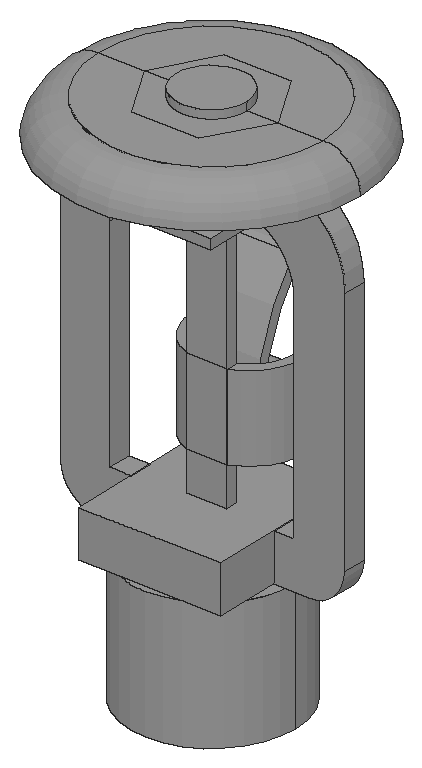
Revit family
Parameters (values of type "RASCO G UPRIGHT")
  Temperature Rating = 165 °F
  Response = (empty or 0)
  RASCO SIN # = "R1025"
  RASCO Part # = "GU1C"
  Pressure Rating = "175 PSI"
  Pressure Class = (empty or 0)
  Orifice Size = 1/2"
  Orifice = (empty or 0)
  Model = "G"
  Manufacturer = "RASCO"
  K-Factor = 5.62
  Description = "Chrome Finish"
  Coverage = (empty or 0)
Reference planes (in)
  plane 1 "Center (Front/Back)": y = 0
  plane 2: z = 0
  plane 3 "Center (Left/Right)": x = 0
Dimensions and locks (in)
  aligned and locked: plane 2 to level
Nested families (in)
  nested 1: "GU1C" at (0.12952, -5.93963, 0), type "RASCO G UPRIGHT"
Connectors (in)
  piping at (0.12952, -5.93963, 0)
    settings: on nested 1, index 1, connector radius 0.45", flow factor 0, pipe flow 0 GPM, pressure drop 0.00 psi, fitting loss kfactor 0, connector angle 0.00°, fixture units 0, flow configuration 0, flow direction 0, fitting loss method 0, system type 7, connector reference index -1, connector utility 0, adjustable connector no, is connector primary yes, fitting loss table "", connector description ""
Definition of nested family "GU1C"
  Parameters (values of type "RASCO G UPRIGHT")
    Type Comments = ""
    Temperature Rating = 0 °F
    Response = (empty or 0)
    Pressure Rating = "0"
    Pressure Class = (empty or 0)
    Orifice Size = 0"
    Orifice = (empty or 0)
    Model = ""
    Manufacturer = ""
    K-Factor = 0
    Description = ""
    Coverage = (empty or 0)
    Assembly Code = ""
  Reference planes (in)
    plane 1 "Center (Front/Back)": y = 0
    plane 2: z = 0
    plane 3 "ref.2": z = 0.6875
    plane 4 "ref.3": z = 0.9375
    plane 5: x = -0.38065
    plane 6: x = 0.36935
    plane 7 "ref. side 1": y = 0.06402
    plane 8 "ref. side 2": y = -0.06098
    plane 9 "ref.4": z = 1.875
    plane 10 "ref.5": z = 2.875
    plane 11 "center": x = -0.00574
  Forms (in)
    Extrusion 1, solid, material "Default"
      sketch origin (0, 0, 0) x (1, 0, 0) y (0, 1, 0)
        loop
          circle (0, 0) r 0.438
      from 0 to 0.6875
    Extrusion 2, solid, material "Default"
      sketch origin (-0.12185, 0.05177, 0.6875) x (1, 0, 0) y (0, 1, 0)
        loop
          line (-0.2588, 0.356) -> (-0.2588, -0.4565) -> (0.4912, -0.4565) -> (0.4912, 0.356) -> (-0.2588, 0.356)
      from 0 to 0.25
    Extrusion 3, solid, material "Default"
      sketch origin (0, 0, 0) x (1, 0, 0) y (0, 0, 1)
        loop
          line (-0.49248, 0.9375) -> (-0.49248, 2.10276)
          arc (-0.49248, 2.10276) -> (-0.40724, 2.30855) -> (-0.20145, 2.39379) r 0.29103
          line (-0.20145, 2.39379) -> (0.18108, 2.39379)
          arc (0.18108, 2.39379) -> (0.38905, 2.30765) -> (0.47519, 2.09969) r 0.29411
          line (0.47519, 2.09969) -> (0.47519, 0.9375) -> (0.36935, 0.9375) -> (0.36935, 0.6875) -> (0.55741, 0.6875)
          arc (0.55741, 0.6875) -> (0.69165, 0.7431) -> (0.74725, 0.87734) r 0.18984
          line (0.74725, 0.87734) -> (0.74725, 2.19113)
          arc (0.74725, 2.19113) -> (0.61669, 2.50631) -> (0.3015, 2.63687) r 0.44574
          line (0.3015, 2.63687) -> (-0.30719, 2.63687)
          arc (-0.30719, 2.63687) -> (-0.62225, 2.50637) -> (-0.75275, 2.19131) r 0.44556
          line (-0.75275, 2.19131) -> (-0.75275, 0.87876)
          arc (-0.75275, 0.87876) -> (-0.69673, 0.74352) -> (-0.56149, 0.6875) r 0.19126
          line (-0.56149, 0.6875) -> (-0.38065, 0.6875) -> (-0.38065, 0.9375) -> (-0.49248, 0.9375)
      from -0.06402 to 0.06098
    Extrusion 4, solid, material "Default"
      sketch origin (-0.00199, 0, 2.4375) x (-1, 0, 0) y (0, -1, 0)
        loop
          circle (0.00574, -0.00152) r 0.1875
      from -0.04371 to 0.4375
    Revolve 5, solid, material "Default"
      sketch origin (-0.0011, 0, 0.30638) x (1, 0, 0) y (0, 0, 1)
        loop
          line (-0.19255, 2.33367) -> (-0.19255, 2.52696) -> (-0.35809, 2.52696) -> (-0.59714, 2.52696)
          arc (-0.59714, 2.52696) -> (-0.73508, 2.47056) -> (-0.79397, 2.33367) r 0.19686
          line (-0.79397, 2.33367) -> (-0.19255, 2.33367)
        axis (-0.00574, 2.33367) -> (-0.00574, 2.52696)
      angle from 0 to 360
    Extrusion 6, solid, material "Default"
      sketch origin (0, 0, 0.9375) x (-1, 0, 0) y (0, -1, 0)
        loop
          line (-0.10175, -0.02852) -> (0.11324, -0.02852) -> (0.11324, 0.03101) -> (-0.10175, 0.03101) -> (-0.10175, -0.02852)
      from 0 to 1.45629
    Extrusion 7, solid, material "Default"
      sketch origin (-0.00574, -0.0095, -0.07537) x (0, 0, -1) y (0, -1, 0)
        loop
          line (-2.39379, 0.21198) -> (-2.39379, -0.229)
          arc (-2.39379, -0.229) -> (-2.26956, -0.41579) -> (-2.04926, -0.37342) r 0.20254
          arc (-2.04926, -0.37342) -> (-1.6599, -0.16721) -> (-1.22163, -0.12207) r 1.15319
          line (-1.22163, -0.12207) -> (-1.22163, -0.07087)
          arc (-1.22163, -0.07087) -> (-1.6782, -0.11947) -> (-2.0834, -0.33544) r 1.20419
          arc (-2.0834, -0.33544) -> (-2.24878, -0.36919) -> (-2.34279, -0.229) r 0.15154
          line (-2.34279, -0.229) -> (-2.34279, 0.21198) -> (-2.39379, 0.21198)
      from -0.17255 to 0.17398
    Extrusion 8, solid, material "Default"
      sketch origin (0, 0, 0) x (1, 0, 0) y (0, 1, 0)
        loop
          arc (0.23993, 0.23051) -> (0.19768, 0.11115) -> (0.10175, 0.02852) r 0.24647
          line (0.10175, 0.02852) -> (-0.11324, 0.02852)
          arc (-0.11324, 0.02852) -> (-0.21767, 0.12447) -> (-0.25194, 0.2621) r 0.24647
          line (-0.25194, 0.2621) -> (-0.25194, 0.40777) -> (-0.30719, 0.40777) -> (-0.30719, 0.25942)
          arc (-0.30719, 0.25942) -> (-0.25653, 0.08328) -> (-0.11324, -0.03101) r 0.30157
          line (-0.11324, -0.03101) -> (0.10175, -0.03101)
          arc (0.10175, -0.03101) -> (0.24461, 0.08262) -> (0.29574, 0.25785) r 0.30157
          line (0.29574, 0.25785) -> (0.29574, 0.40777) -> (0.23993, 0.40777) -> (0.23993, 0.23051)
      from 1.14626 to 1.59756
    Extrusion 9, solid, material "Default"
      sketch origin (-0.00574, -0.0095, -0.07537) x (0, 0, -1) y (0, -1, 0)
        loop
          circle (-1.44728, -0.26892) r 0.13147
      from -0.24568 to 0.24619
  Cuts and joins
    joined: Extrusion 1, Extrusion 2, Revolve 5
  Dimensions and locks (in)
    Revolve 5 sketch curve to Revolve 5 sketch curve = 0.78823"
    plane 10 "ref.5" to level = 2.875"
